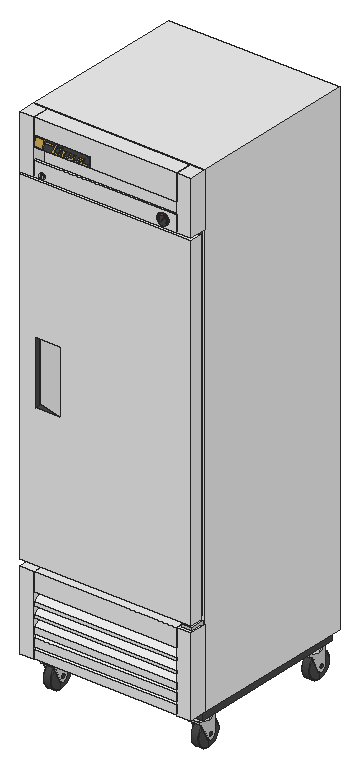
Revit family "QF_TRUE_T-23F-HC", category Specialty Equipment, Revit 2016
Family settings
  Part Type = Normal
  Round Connector Dimension = Use Diameter
  Work Plane-Based = No
  Always vertical = Yes
  Cut with Voids When Loaded = No
  Shared = Yes
  Room Calculation Point = No
Parameters
  Height = 83 5/16"
  Weight in Pounds = 295
  Watts = Volts * FL Amps  # 425.5 W
  Volts = 115 V
  URL = "www.truemfg.com"
  Type Mark [instance] = ""
  Type Comments = "www.truemfg.com"
  Status [instance] = ""
  Specification by User [instance] = ""
  Specification by Manufacturer = ""
  Show Seismic Flanged [instance] = no
  Show Logo [instance] = yes
  Show Legs [instance] = no
  Show Clearance [instance] = yes
  Show Casters [instance] = and(not(Show Legs), not(Show Seismic Flanged))  # yes
  Serial Number = ""
  Seismic Rating = ""
  Seismic Plate [instance] = and(Show Seismic Flanged, not(Show Casters))  # no
  SMACNA No = ""
  Revision Code [instance] = ""
  Phase = 1
  Omniclass Number and Title = ""
  Number of Poles [instance] = 1
  NAFEM Spec ID Number = ""
  Model = "T-23F-HC"
  Min Ckt Ampacity = 0 A
  Max Overcurrent Protection = 0 A
  MasterSpec. = ""
  Manufacturer = "TRUE FOOD SERVICE EQUIPMENT, INC."
  Legs [instance] = or(Show Legs, Show Seismic Flanged)  # no
  Item Number [instance] = ""
  Installed By [instance] = ""
  Identify Quantity as Lot [instance] = yes
  Width = 27"
  HP = "1/2"
  Furnished By [instance] = ""
  Foodservice Equipment Identifier [instance] = yes
  FL Amps = 3.7 A
  Electrical Remarks [instance] = "220-240/50"
  Electric Connection Type [instance] = ""
  Elec Conn RI Height [instance] = 0"
  Elec Conn Connection Height [instance] = 0"
  Description = "REACH-IN SOLID SWING DOOR FREEZER WITH HYDROCARBON REFRIGERANT"
  Depth = 29 1/2"
  Cycle = 60 Hz
  Conn Plug = "NEMA 5-15P"
  Conn Conduit = yes
  CSI MasterFormat = ""
  CSI Master Format = ""
  Body Finish = QF_Finishes_Stainless Steel
  Base Height [instance] = if(Show Casters, 5", 6")  # 5"
  Apparent Power = if(Phase = 3, Volts * FL Amps * 1.73, Volts * FL Amps)  # 425.5 VA
Reference planes (in)
  plane 1 "BACK": y = 0
  plane 2: z = 0
  plane 3 "LEFT": x = 0
  plane 4 "RIGHT": x = 27
  plane 5 "FRONT": y = -29.5
  plane 6 "Top": z = 83.3125
  plane 7: z = 5
Forms (in)
  Revolve 1, solid, material "QF_Finishes_Black", visible <- "Show Casters"
    sketch origin (-0.14406, -24.48472, -1) x (1, 0, 0) y (0, 0, 1)
      loop
        line (2.62908, 4.89592) -> (2.525, 5) -> (1.475, 5) -> (1.375, 4.9) -> (1.375, 3.25) -> (1.05969, 3.25) -> (1.05969, 3) -> (2.94031, 3) -> (2.94031, 3.25) -> (2.62908, 3.25) -> (2.62908, 4.89592)
      axis (2.94031, 3) -> (1.05969, 3)
    angle from 0 to 360
  Revolve 2, solid, material "QF_Finishes_Black", visible <- "Show Casters"
    sketch origin (-0.14406, -2.56916, -1.70457) x (1, 0, 0) y (0, 0, 1)
      loop
        line (2.62908, 5.6005) -> (2.525, 5.70457) -> (1.475, 5.70457) -> (1.375, 5.60457) -> (1.375, 3.95457) -> (1.05969, 3.95457) -> (1.05969, 3.70457) -> (2.94031, 3.70457) -> (2.94031, 3.95457) -> (2.62908, 3.95457) -> (2.62908, 5.6005)
      axis (2.94031, 3.70457) -> (1.05969, 3.70457)
    angle from 0 to 360
  Revolve 3, solid, material "QF_Finishes_Chrome - Satin", visible <- "Show Casters"
    sketch origin (-0.14203, -25.23418, -2.97972) x (1, 0, 0) y (0, 0, 1)
      loop
        line (2, 7.47972) -> (2, 7.97972) -> (0.70293, 7.97972) -> (0.70293, 7.47972) -> (2, 7.47972)
      axis (2, 7.47972) -> (2, 7.97972)
    angle from 0 to 360
  Extrusion 4, solid, material "QF_Finishes_Handrails and Railings", visible <- "Show Casters"
    sketch origin (-47.92328, 8.23261, -2.74546) x (0, 1, 0) y (0, 0, 1)
      loop
        line (-34.85761, 7.24546) -> (-34.85761, 6.89061) -> (-31.89075, 6.89061) -> (-31.89075, 7.24546) -> (-34.85761, 7.24546)
    from 49.10625 to 50.45625
  Extrusion 5, solid, material "QF_Finishes_Handrails and Railings", visible <- "Show Casters"
    sketch origin (-0.14203, 9.88886, -2.21999) x (0, 1, 0) y (0, 0, 1)
      loop
        line (-36.51386, 6.71999) -> (-36.51386, 6.36514) -> (-36.13864, 6.36514) -> (-34.8897, 3.6891)
        arc (-34.8897, 3.6891) -> (-34.09722, 3.33917) -> (-33.547, 4.0083) r 0.71647
        line (-33.547, 4.0083) -> (-33.547, 6.71999) -> (-36.51386, 6.71999)
    from 1.175 to 1.325
  Extrusion 6, solid, material "QF_Finishes_Handrails and Railings", visible <- "Show Casters"
    sketch origin (3.85797, 9.88886, -2.21999) x (0, 1, 0) y (0, 0, -1)
      loop
        line (-36.51386, -6.71999) -> (-33.547, -6.71999) -> (-33.547, -4.0083)
        arc (-33.547, -4.0083) -> (-34.09722, -3.33917) -> (-34.8897, -3.6891) r 0.71647
        line (-34.8897, -3.6891) -> (-36.13864, -6.36514) -> (-36.51386, -6.36514) -> (-36.51386, -6.71999)
    from 1.175 to 1.325
  Revolve 7, solid, material "QF_Finishes_Black", visible <- "Show Casters"
    sketch origin (27.26906, -24.48472, -1) x (-1, 0, 0) y (0, 0, -1)
      loop
        line (2.62908, -4.89592) -> (2.62908, -3.25) -> (2.94031, -3.25) -> (2.94031, -3) -> (1.05969, -3) -> (1.05969, -3.25) -> (1.375, -3.25) -> (1.375, -4.9) -> (1.475, -5) -> (2.525, -5) -> (2.62908, -4.89592)
      axis (2.94031, -3) -> (1.05969, -3)
    angle from 0 to 360
  Revolve 8, solid, material "QF_Finishes_Black", visible <- "Show Casters"
    sketch origin (27.26906, -2.56916, -1.70457) x (-1, 0, 0) y (0, 0, -1)
      loop
        line (2.62908, -5.6005) -> (2.62908, -3.95457) -> (2.94031, -3.95457) -> (2.94031, -3.70457) -> (1.05969, -3.70457) -> (1.05969, -3.95457) -> (1.375, -3.95457) -> (1.375, -5.60457) -> (1.475, -5.70457) -> (2.525, -5.70457) -> (2.62908, -5.6005)
      axis (2.94031, -3.70457) -> (1.05969, -3.70457)
    angle from 0 to 360
  Extrusion 9, solid, material "QF_Finishes_Handrails and Railings", visible <- "Show Casters"
    sketch origin (27.26703, 9.88886, -2.21999) x (0, 1, 0) y (0, 0, -1)
      loop
        line (-36.51386, -6.71999) -> (-33.547, -6.71999) -> (-33.547, -4.0083)
        arc (-33.547, -4.0083) -> (-34.09722, -3.33917) -> (-34.8897, -3.6891) r 0.71647
        line (-34.8897, -3.6891) -> (-36.13864, -6.36514) -> (-36.51386, -6.36514) -> (-36.51386, -6.71999)
    from 1.175 to 1.325
  Extrusion 10, solid, material "QF_Finishes_Handrails and Railings", visible <- "Show Casters"
    sketch origin (23.26703, 9.88886, -2.21999) x (0, 1, 0) y (0, 0, 1)
      loop
        line (-36.51386, 6.71999) -> (-36.51386, 6.36514) -> (-36.13864, 6.36514) -> (-34.8897, 3.6891)
        arc (-34.8897, 3.6891) -> (-34.09722, 3.33917) -> (-33.547, 4.0083) r 0.71647
        line (-33.547, 4.0083) -> (-33.547, 6.71999) -> (-36.51386, 6.71999)
    from 1.175 to 1.325
  Revolve 11, solid, material "QF_Finishes_Stainless Steel" <- "Body Finish", visible <- "Legs"
    sketch origin (-0.14203, -24.48472, 0) x (1, 0, 0) y (0, 0, 1)
      loop
        line (2, 6) -> (0.68084, 6) -> (1.25, 1) -> (1.5, 1) -> (1.5, 0) -> (2, 0) -> (2, 6)
      axis (2, 0) -> (2, 6)
    angle from 0 to 360
  Revolve 12, solid, material "QF_Finishes_Stainless Steel" <- "Body Finish", visible <- "Legs"
    sketch origin (-0.14203, -2.56916, 0) x (1, 0, 0) y (0, 0, -1)
      loop
        line (2, -6) -> (2, 0) -> (1.5, 0) -> (1.5, -1) -> (1.25, -1) -> (0.68084, -6) -> (2, -6)
      axis (2, 0) -> (2, -6)
    angle from 0 to 360
  Extrusion 13, solid, material "QF_Finishes_Stainless Steel" <- "Body Finish", visible <- "Seismic Plate"
    sketch origin (-1.21118, -0.875, 0) x (1, 0, 0) y (0, 1, 0)
      loop
        circle (3.06916, -1.69416) r 1.5
    from 0 to 0.25
  Extrusion 14, solid, material "QF_Finishes_Stainless Steel" <- "Body Finish", visible <- "Seismic Plate"
    sketch origin (-1.21118, -17.79056, 0) x (1, 0, 0) y (0, 1, 0)
      loop
        circle (3.06916, -6.69416) r 1.5
    from 0 to 0.25
  Revolve 15, solid, material "QF_Finishes_Stainless Steel" <- "Body Finish", visible <- "Legs"
    sketch origin (27.26703, -24.48472, 0) x (-1, 0, 0) y (0, 0, -1)
      loop
        line (2, -6) -> (2, 0) -> (1.5, 0) -> (1.5, -1) -> (1.25, -1) -> (0.68084, -6) -> (2, -6)
      axis (2, 0) -> (2, -6)
    angle from 0 to 360
  Revolve 16, solid, material "QF_Finishes_Stainless Steel" <- "Body Finish", visible <- "Legs"
    sketch origin (27.26703, -2.56916, 0) x (-1, 0, 0) y (0, 0, 1)
      loop
        line (2, 6) -> (0.68084, 6) -> (1.25, 1) -> (1.5, 1) -> (1.5, 0) -> (2, 0) -> (2, 6)
      axis (2, 0) -> (2, 6)
    angle from 0 to 360
  Extrusion 17, solid, material "QF_Finishes_Stainless Steel" <- "Body Finish", visible <- "Seismic Plate"
    sketch origin (28.33618, -0.875, 0) x (-1, 0, 0) y (0, -1, 0)
      loop
        circle (3.06916, 1.69416) r 1.5
    from 0 to 0.25
  Extrusion 18, solid, material "QF_Finishes_Stainless Steel" <- "Body Finish", visible <- "Seismic Plate"
    sketch origin (28.33618, -17.79056, 0) x (-1, 0, 0) y (0, -1, 0)
      loop
        circle (3.06916, 6.69416) r 1.5
    from 0 to 0.25
  Extrusion 19, solid, material "QF_Finishes_Chrome - Satin"
    sketch origin (0, 0, 0) x (1, 0, 0) y (0, 0, 1)
      loop
        circle (6, 12) r 0.25
    from 0 to 0.0625
  Revolve 20, solid, material "QF_Finishes_Chrome - Satin", visible <- "Show Casters"
    sketch origin (-0.14203, -3.31862, -2.97972) x (1, 0, 0) y (0, 0, 1)
      loop
        line (2, 7.47972) -> (2, 7.97972) -> (0.70293, 7.97972) -> (0.70293, 7.47972) -> (2, 7.47972)
      axis (2, 7.47972) -> (2, 7.97972)
    angle from 0 to 360
  Extrusion 21, solid, material "QF_Finishes_Handrails and Railings", visible <- "Show Casters"
    sketch origin (-47.92328, 30.14817, -2.74546) x (0, 1, 0) y (0, 0, 1)
      loop
        line (-34.85761, 7.24546) -> (-34.85761, 6.89061) -> (-31.89075, 6.89061) -> (-31.89075, 7.24546) -> (-34.85761, 7.24546)
    from 49.10625 to 50.45625
  Extrusion 22, solid, material "QF_Finishes_Handrails and Railings", visible <- "Show Casters"
    sketch origin (-0.14203, 31.80442, -2.21999) x (0, 1, 0) y (0, 0, 1)
      loop
        line (-36.51386, 6.71999) -> (-36.51386, 6.36514) -> (-36.13864, 6.36514) -> (-34.8897, 3.6891)
        arc (-34.8897, 3.6891) -> (-34.09722, 3.33917) -> (-33.547, 4.0083) r 0.71647
        line (-33.547, 4.0083) -> (-33.547, 6.71999) -> (-36.51386, 6.71999)
    from 1.175 to 1.325
  Extrusion 23, solid, material "QF_Finishes_Handrails and Railings", visible <- "Show Casters"
    sketch origin (3.85797, 31.80442, -2.21999) x (0, 1, 0) y (0, 0, -1)
      loop
        line (-36.51386, -6.71999) -> (-33.547, -6.71999) -> (-33.547, -4.0083)
        arc (-33.547, -4.0083) -> (-34.09722, -3.33917) -> (-34.8897, -3.6891) r 0.71647
        line (-34.8897, -3.6891) -> (-36.13864, -6.36514) -> (-36.51386, -6.36514) -> (-36.51386, -6.71999)
    from 1.175 to 1.325
  Extrusion 24, solid, material "QF_Finishes_Handrails and Railings", visible <- "Show Casters"
    sketch origin (27.26703, 31.80442, -2.21999) x (0, 1, 0) y (0, 0, -1)
      loop
        line (-36.51386, -6.71999) -> (-33.547, -6.71999) -> (-33.547, -4.0083)
        arc (-33.547, -4.0083) -> (-34.09722, -3.33917) -> (-34.8897, -3.6891) r 0.71647
        line (-34.8897, -3.6891) -> (-36.13864, -6.36514) -> (-36.51386, -6.36514) -> (-36.51386, -6.71999)
    from 1.175 to 1.325
  Extrusion 25, solid, material "QF_Finishes_Handrails and Railings", visible <- "Show Casters"
    sketch origin (23.26703, 31.80442, -2.21999) x (0, 1, 0) y (0, 0, 1)
      loop
        line (-36.51386, 6.71999) -> (-36.51386, 6.36514) -> (-36.13864, 6.36514) -> (-34.8897, 3.6891)
        arc (-34.8897, 3.6891) -> (-34.09722, 3.33917) -> (-33.547, 4.0083) r 0.71647
        line (-33.547, 4.0083) -> (-33.547, 6.71999) -> (-36.51386, 6.71999)
    from 1.175 to 1.325
  Revolve 26, solid, material "QF_Finishes_Chrome - Satin", visible <- "Show Casters"
    sketch origin (27.26703, -25.23418, -2.97972) x (-1, 0, 0) y (0, 0, -1)
      loop
        line (2, -7.47972) -> (0.70293, -7.47972) -> (0.70293, -7.97972) -> (2, -7.97972) -> (2, -7.47972)
      axis (2, -7.47972) -> (2, -7.97972)
    angle from 0 to 360
  Extrusion 27, solid, material "QF_Finishes_Handrails and Railings", visible <- "Show Casters"
    sketch origin (75.04828, 8.23261, -2.74546) x (0, 1, 0) y (0, 0, -1)
      loop
        line (-34.85761, -7.24546) -> (-31.89075, -7.24546) -> (-31.89075, -6.89061) -> (-34.85761, -6.89061) -> (-34.85761, -7.24546)
    from 49.10625 to 50.45625
  Revolve 28, solid, material "QF_Finishes_Chrome - Satin", visible <- "Show Casters"
    sketch origin (27.26703, -3.31862, -2.97972) x (-1, 0, 0) y (0, 0, -1)
      loop
        line (2, -7.47972) -> (0.70293, -7.47972) -> (0.70293, -7.97972) -> (2, -7.97972) -> (2, -7.47972)
      axis (2, -7.47972) -> (2, -7.97972)
    angle from 0 to 360
  Extrusion 29, solid, material "QF_Finishes_Handrails and Railings", visible <- "Show Casters"
    sketch origin (75.04828, 30.14817, -2.74546) x (0, 1, 0) y (0, 0, -1)
      loop
        line (-34.85761, -7.24546) -> (-31.89075, -7.24546) -> (-31.89075, -6.89061) -> (-34.85761, -6.89061) -> (-34.85761, -7.24546)
    from 49.10625 to 50.45625
Cuts and joins
  joined: Extrusion 9, Extrusion 10, Extrusion 27
  joined: Extrusion 24, Extrusion 25, Extrusion 29
  joined: Extrusion 21, Extrusion 22, Extrusion 23
  joined: Extrusion 4, Extrusion 5, Extrusion 6
Lines and regions (in)
  symbolic lines, style "SpecialityEquipmentHiddenLines", visible <- "Show Casters"
    curve 1: line (0.31494, -3.98858, 0) -> (1.40101, -4.61562, 0)
    curve 2: line (2.31494, -0.52448, 0) -> (0.31494, -3.98858, 0)
    curve 3: line (3.40101, -1.15152, 0) -> (2.31494, -0.52448, 0)
    curve 4: line (1.40101, -4.61562, 0) -> (3.40101, -1.15152, 0)
    curve 5: line (23.72399, -3.98858, 0) -> (24.81006, -4.61562, 0)
    curve 6: line (25.72399, -0.52448, 0) -> (23.72399, -3.98858, 0)
    curve 7: line (26.81006, -1.15152, 0) -> (25.72399, -0.52448, 0)
    curve 8: line (24.81006, -4.61562, 0) -> (26.81006, -1.15152, 0)
    curve 9: line (0.31494, -25.90414, 0) -> (1.40101, -26.53118, 0)
    curve 10: line (2.31494, -22.44004, 0) -> (0.31494, -25.90414, 0)
    curve 11: line (3.40101, -23.06708, 0) -> (2.31494, -22.44004, 0)
    curve 12: line (1.40101, -26.53118, 0) -> (3.40101, -23.06708, 0)
    curve 13: line (23.72399, -25.90414, 0) -> (24.81006, -26.53118, 0)
    curve 14: line (25.72399, -22.44004, 0) -> (23.72399, -25.90414, 0)
    curve 15: line (26.81006, -23.06708, 0) -> (25.72399, -22.44004, 0)
    curve 16: line (24.81006, -26.53118, 0) -> (26.81006, -23.06708, 0)
Dimensions and locks (in)
  plane 1 "BACK" to plane 5 "FRONT" = 29 1/2"
  plane 6 "Top" to level = 83 5/16"  (x2)
  plane 5 "FRONT" to plane 1 "BACK" = 29 1/2"
  plane 4 "RIGHT" to plane 3 "LEFT" = 27"
  plane 2 to plane 6 "Top" = 83 5/16"
  plane 6 "Top" to plane 7 = 78 5/16"
  "Width": plane 3 "LEFT" to plane 4 "RIGHT"
  "Depth": plane 5 "FRONT" to plane 1 "BACK"
  "Base Height": plane 7 to level
  locked: Revolve 11 sketch curve to level at 6
  locked: Revolve 12 sketch curve to level at 6
  nested 1 to plane 1 "BACK" = 55 1/32"
  Revolve 15 sketch curve to Revolve 15 sketch curve to Revolve 15 sketch curve = 5" locked, 1" locked
  Revolve 16 sketch curve to Revolve 16 sketch curve to Revolve 16 sketch curve = 5" locked, 1" locked
  "Height": plane 6 "Top" to level
  Extrusion 19 sketch curve to Extrusion 19 sketch curve to plane 7 = 1/2" locked, 6 3/4" locked
  aligned and locked: level to plane 2
  aligned: Extrusion 4 to Revolve 3
  aligned: Revolve 3 to Revolve 3
  aligned: plane 7 to Extrusion 5
  aligned: plane 7 to Extrusion 6
  aligned and locked: plane 1 "BACK" to nested 1
  aligned and locked: plane 3 "LEFT" to nested 1
  aligned and locked: nested 1 to plane 7
  aligned and locked: Revolve 3 sketch curve to Revolve 3 sketch curve
  aligned and locked: Revolve 1 sketch curve to Revolve 1 sketch curve
  aligned and locked: Revolve 2 sketch curve to Revolve 2 sketch curve
  aligned and locked: Revolve 20 sketch curve to Revolve 20 sketch curve
  aligned and locked: Revolve 26 sketch curve to Revolve 26 sketch curve
  aligned and locked: Revolve 28 sketch curve to Revolve 28 sketch curve
Automatic sketch dimensions
  plane 3 "LEFT" to Revolve 1 sketch curve = 0.5097"
  Revolve 1 sketch curve to Revolve 1 sketch curve = 0.40592"
  plane 3 "LEFT" to Revolve 1 sketch curve = 1.23094"
  Revolve 1 sketch curve to Revolve 1 sketch curve = 0.1"  (x2)
  Revolve 1 sketch curve to Revolve 1 sketch curve = 0.63788"
  Revolve 1 sketch curve to plane 7 = 1"
  Revolve 1 sketch curve to Revolve 1 sketch curve = 1.05"
  Revolve 1 sketch curve to Revolve 1 sketch curve = 0.6162"
  Revolve 1 sketch curve to Revolve 1 sketch curve = 0.31123"
  Revolve 1 sketch curve to Revolve 1 sketch curve = 0.10408"
  Revolve 1 sketch curve to Revolve 1 sketch curve = 1.65"
  Revolve 1 sketch curve to Revolve 1 sketch curve = 1/4"
  Revolve 1 sketch curve to Revolve 1 sketch curve = 0"
  plane 3 "LEFT" to Revolve 2 sketch curve = 0.5097"
  Revolve 2 sketch curve to Revolve 2 sketch curve = 0.40592"
  plane 3 "LEFT" to Revolve 2 sketch curve = 1.23094"
  Revolve 2 sketch curve to Revolve 2 sketch curve = 0.1"  (x2)
  Revolve 2 sketch curve to Revolve 2 sketch curve = 0.63788"
  Revolve 2 sketch curve to plane 7 = 1"
  Revolve 2 sketch curve to Revolve 2 sketch curve = 1.05"
  Revolve 2 sketch curve to Revolve 2 sketch curve = 0.6162"
  Revolve 2 sketch curve to Revolve 2 sketch curve = 0.31123"
  Revolve 2 sketch curve to Revolve 2 sketch curve = 0.10408"
  Revolve 2 sketch curve to Revolve 2 sketch curve = 1.65"
  Revolve 2 sketch curve to Revolve 2 sketch curve = 1/4"
  Revolve 2 sketch curve to Revolve 2 sketch curve = 0"
  Revolve 3 sketch curve to plane 7 = 0"
  plane 3 "LEFT" to Revolve 3 sketch curve = 0.56091"
  Revolve 3 sketch curve to Revolve 3 sketch curve = 1.29707"
  Revolve 3 sketch curve to plane 7 = 0.0891"
  Revolve 3 sketch curve to plane 7 = 1/2"
  Revolve 3 sketch curve to Revolve 3 sketch curve = 0.0891"
  Extrusion 4 sketch curve to plane 7 = 0.85485"
  Extrusion 4 sketch curve to plane 5 "FRONT" = 2 7/8"
  Extrusion 4 sketch curve to Extrusion 4 sketch curve = 2.96686"
  Extrusion 4 sketch curve to Extrusion 4 sketch curve = 0.35485"
  Extrusion 5 sketch curve to plane 7 = 1/2"
  Extrusion 5 sketch curve to plane 5 "FRONT" = 2 7/8"
  Extrusion 5 sketch curve to Extrusion 5 sketch curve = 0.37522"
  level to Extrusion 5 sketch curve = 1.46911"
  Extrusion 5 sketch curve to Extrusion 5 sketch curve = 1.24895"
  Extrusion 5 sketch curve to Extrusion 5 sketch curve = 0.62677"
  Extrusion 5 sketch curve to Extrusion 5 sketch curve = 2.59164"
  Extrusion 5 sketch curve to Extrusion 5 sketch curve = 0.3192"
  Extrusion 5 sketch curve to Extrusion 5 sketch curve = 0.35485"
  Extrusion 6 sketch curve to plane 7 = 0.85485"
  Extrusion 6 sketch curve to plane 5 "FRONT" = 2 7/8"
  Extrusion 6 sketch curve to Extrusion 6 sketch curve = 0.37522"
  level to Extrusion 6 sketch curve = 1.46911"
  Extrusion 6 sketch curve to Extrusion 6 sketch curve = 1.24895"
  Extrusion 6 sketch curve to Extrusion 6 sketch curve = 0.62677"
  Extrusion 6 sketch curve to Extrusion 6 sketch curve = 0.71593"
  Extrusion 6 sketch curve to plane 7 = 1/2"
  Extrusion 6 sketch curve to Extrusion 6 sketch curve = 0.34712"
  Revolve 7 sketch curve to plane 4 "RIGHT" = 0.3847"
  Revolve 7 sketch curve to Revolve 7 sketch curve = 0.40592"
  Revolve 7 sketch curve to Revolve 7 sketch curve = 0.31531"
  Revolve 7 sketch curve to Revolve 7 sketch curve = 0.1"  (x2)
  Revolve 7 sketch curve to Revolve 7 sketch curve = 0.63788"
  Revolve 7 sketch curve to plane 7 = 1"
  Revolve 7 sketch curve to Revolve 7 sketch curve = 1.05"
  Revolve 7 sketch curve to Revolve 7 sketch curve = 0.6162"
  Revolve 7 sketch curve to Revolve 7 sketch curve = 0.31123"
  Revolve 7 sketch curve to Revolve 7 sketch curve = 0.10408"
  Revolve 7 sketch curve to Revolve 7 sketch curve = 1.64592"
  Revolve 7 sketch curve to Revolve 7 sketch curve = 0"
  Revolve 7 sketch curve to Revolve 7 sketch curve = 1/4"  (x2)
  Revolve 8 sketch curve to plane 4 "RIGHT" = 0.3847"
  Revolve 8 sketch curve to Revolve 8 sketch curve = 0.40592"
  Revolve 8 sketch curve to Revolve 8 sketch curve = 0.31531"
  Revolve 8 sketch curve to Revolve 8 sketch curve = 0.1"  (x2)
  Revolve 8 sketch curve to Revolve 8 sketch curve = 0.63788"
  Revolve 8 sketch curve to plane 7 = 1"
  Revolve 8 sketch curve to Revolve 8 sketch curve = 1.05"
  Revolve 8 sketch curve to Revolve 8 sketch curve = 0.6162"
  Revolve 8 sketch curve to Revolve 8 sketch curve = 0.31123"
  Revolve 8 sketch curve to Revolve 8 sketch curve = 0.10408"
  Revolve 8 sketch curve to Revolve 8 sketch curve = 1.64592"
  Revolve 8 sketch curve to Revolve 8 sketch curve = 0"
  Revolve 8 sketch curve to Revolve 8 sketch curve = 1/4"  (x2)
  Extrusion 9 sketch curve to plane 7 = 0.85485"
  Extrusion 9 sketch curve to plane 5 "FRONT" = 2 7/8"
  Extrusion 9 sketch curve to Extrusion 9 sketch curve = 0.37522"
  level to Extrusion 9 sketch curve = 1.46911"
  Extrusion 9 sketch curve to Extrusion 9 sketch curve = 1.24895"
  Extrusion 9 sketch curve to Extrusion 9 sketch curve = 0.62677"
  Extrusion 9 sketch curve to Extrusion 9 sketch curve = 0.71593"
  Extrusion 9 sketch curve to plane 7 = 1/2"
  Extrusion 9 sketch curve to Extrusion 9 sketch curve = 0.34712"
  Extrusion 10 sketch curve to plane 7 = 0.85485"
  Extrusion 10 sketch curve to plane 5 "FRONT" = 2 7/8"
  Extrusion 10 sketch curve to Extrusion 10 sketch curve = 0.37522"
  level to Extrusion 10 sketch curve = 1.46911"
  Extrusion 10 sketch curve to Extrusion 10 sketch curve = 1.24895"
  Extrusion 10 sketch curve to Extrusion 10 sketch curve = 0.62677"
  Extrusion 10 sketch curve to Extrusion 10 sketch curve = 0.71593"
  Extrusion 10 sketch curve to Extrusion 10 sketch curve = 0.3192"
  Extrusion 10 sketch curve to Extrusion 10 sketch curve = 0.35485"
  Revolve 11 sketch curve to level = 0"
  plane 3 "LEFT" to Revolve 11 sketch curve = 0.53882"
  plane 3 "LEFT" to Revolve 11 sketch curve = 1.10797"
  Revolve 11 sketch curve to Revolve 11 sketch curve = 1/4"
  Revolve 11 sketch curve to Revolve 11 sketch curve = 1/2"
  Revolve 11 sketch curve to Revolve 11 sketch curve = 0"
  level to Revolve 11 sketch curve = 1"
  plane 7 to Revolve 11 sketch curve = 1/2"
  Revolve 11 sketch curve to Revolve 11 sketch curve = 29/32"
  Revolve 12 sketch curve to level = 0"
  plane 3 "LEFT" to Revolve 12 sketch curve = 0.53882"
  plane 3 "LEFT" to Revolve 12 sketch curve = 1.10797"
  Revolve 12 sketch curve to Revolve 12 sketch curve = 1/4"
  Revolve 12 sketch curve to Revolve 12 sketch curve = 1/2"
  Revolve 12 sketch curve to Revolve 12 sketch curve = 0"
  Revolve 12 sketch curve to Revolve 12 sketch curve = 29/32"
  plane 7 to Revolve 12 sketch curve = 1/2"
  level to Revolve 12 sketch curve = 1"
  plane 3 "LEFT" to Extrusion 13 sketch curve = 1.85797"
  plane 1 "BACK" to Extrusion 13 sketch curve = 2.56916"
  plane 3 "LEFT" to Extrusion 14 sketch curve = 1.85797"
  Extrusion 14 sketch curve to plane 5 "FRONT" = 5.01528"
  Revolve 15 sketch curve to level = 0"
  Revolve 15 sketch curve to plane 4 "RIGHT" = 0.41382"
  Revolve 15 sketch curve to plane 4 "RIGHT" = 0.98297"
  Revolve 15 sketch curve to Revolve 15 sketch curve = 1/4"
  Revolve 15 sketch curve to Revolve 15 sketch curve = 1/2"
  Revolve 15 sketch curve to Revolve 15 sketch curve = 0"
  Revolve 15 sketch curve to Revolve 15 sketch curve = 29/32"
  plane 7 to Revolve 15 sketch curve = 1/2"
  Revolve 16 sketch curve to level = 0"
  Revolve 16 sketch curve to plane 4 "RIGHT" = 0.41382"
  Revolve 16 sketch curve to plane 4 "RIGHT" = 0.98297"
  Revolve 16 sketch curve to Revolve 16 sketch curve = 1/4"
  Revolve 16 sketch curve to Revolve 16 sketch curve = 1/2"
  Revolve 16 sketch curve to Revolve 16 sketch curve = 0"
  plane 7 to Revolve 16 sketch curve = 1/2"
  Revolve 16 sketch curve to Revolve 16 sketch curve = 29/32"
  Extrusion 17 sketch curve to plane 4 "RIGHT" = 1.73297"
  plane 1 "BACK" to Extrusion 17 sketch curve = 2.56916"
  Extrusion 18 sketch curve to plane 4 "RIGHT" = 1.73297"
  Extrusion 18 sketch curve to plane 5 "FRONT" = 5.01528"
  plane 3 "LEFT" to Extrusion 19 sketch curve = 6"
  Revolve 20 sketch curve to plane 7 = 0"
  plane 3 "LEFT" to Revolve 20 sketch curve = 0.56091"
  Revolve 20 sketch curve to Revolve 20 sketch curve = 1.29707"
  Revolve 20 sketch curve to plane 7 = 0.0891"
  Revolve 20 sketch curve to plane 7 = 1/2"
  Revolve 20 sketch curve to Revolve 20 sketch curve = 0.0891"
  Extrusion 21 sketch curve to plane 7 = 0.85485"
  plane 1 "BACK" to Extrusion 21 sketch curve = 4.70944"
  plane 1 "BACK" to Extrusion 21 sketch curve = 1.74258"
  Extrusion 21 sketch curve to Extrusion 21 sketch curve = 0.35485"
  Extrusion 22 sketch curve to plane 7 = 1/2"
  plane 1 "BACK" to Extrusion 22 sketch curve = 4.70944"
  Extrusion 22 sketch curve to Extrusion 22 sketch curve = 0.37522"
  level to Extrusion 22 sketch curve = 1.46911"
  Extrusion 22 sketch curve to Extrusion 22 sketch curve = 1.24895"
  Extrusion 22 sketch curve to Extrusion 22 sketch curve = 0.62677"
  plane 1 "BACK" to Extrusion 22 sketch curve = 1.74258"
  Extrusion 22 sketch curve to Extrusion 22 sketch curve = 0.3192"
  Extrusion 22 sketch curve to Extrusion 22 sketch curve = 0.35485"
  Extrusion 23 sketch curve to plane 7 = 0.85485"
  plane 1 "BACK" to Extrusion 23 sketch curve = 4.70944"
  Extrusion 23 sketch curve to Extrusion 23 sketch curve = 0.37522"
  level to Extrusion 23 sketch curve = 1.46911"
  Extrusion 23 sketch curve to Extrusion 23 sketch curve = 1.24895"
  Extrusion 23 sketch curve to Extrusion 23 sketch curve = 0.62677"
  Extrusion 23 sketch curve to Extrusion 23 sketch curve = 0.71593"
  Extrusion 23 sketch curve to plane 7 = 1/2"
  Extrusion 23 sketch curve to Extrusion 23 sketch curve = 0.34712"
  Extrusion 24 sketch curve to plane 7 = 0.85485"
  plane 1 "BACK" to Extrusion 24 sketch curve = 4.70944"
  Extrusion 24 sketch curve to Extrusion 24 sketch curve = 0.37522"
  level to Extrusion 24 sketch curve = 1.46911"
  Extrusion 24 sketch curve to Extrusion 24 sketch curve = 1.24895"
  Extrusion 24 sketch curve to Extrusion 24 sketch curve = 0.62677"
  Extrusion 24 sketch curve to Extrusion 24 sketch curve = 0.71593"
  Extrusion 24 sketch curve to plane 7 = 1/2"
  Extrusion 24 sketch curve to Extrusion 24 sketch curve = 0.34712"
  Extrusion 25 sketch curve to plane 7 = 0.85485"
  plane 1 "BACK" to Extrusion 25 sketch curve = 4.70944"
  Extrusion 25 sketch curve to Extrusion 25 sketch curve = 0.37522"
  level to Extrusion 25 sketch curve = 1.46911"
  Extrusion 25 sketch curve to Extrusion 25 sketch curve = 1.24895"
  Extrusion 25 sketch curve to Extrusion 25 sketch curve = 0.62677"
  Extrusion 25 sketch curve to Extrusion 25 sketch curve = 0.71593"
  Extrusion 25 sketch curve to Extrusion 25 sketch curve = 0.3192"
  Extrusion 25 sketch curve to Extrusion 25 sketch curve = 0.35485"
  Revolve 26 sketch curve to plane 7 = 0"
  Revolve 26 sketch curve to plane 4 "RIGHT" = 0.43591"
  Revolve 26 sketch curve to Revolve 26 sketch curve = 1.29707"
  Revolve 26 sketch curve to plane 7 = 0.0891"
  Revolve 26 sketch curve to Revolve 26 sketch curve = 0.4109"
  Revolve 26 sketch curve to Revolve 26 sketch curve = 0.0891"
  Extrusion 27 sketch curve to plane 7 = 0.85485"
  Extrusion 27 sketch curve to plane 5 "FRONT" = 2 7/8"
  Extrusion 27 sketch curve to Extrusion 27 sketch curve = 2.96686"
  Extrusion 27 sketch curve to Extrusion 27 sketch curve = 0.35485"
  Revolve 28 sketch curve to plane 7 = 0"
  Revolve 28 sketch curve to plane 4 "RIGHT" = 0.43591"
  Revolve 28 sketch curve to Revolve 28 sketch curve = 1.29707"
  Revolve 28 sketch curve to plane 7 = 0.0891"
  Revolve 28 sketch curve to Revolve 28 sketch curve = 0.4109"
  Revolve 28 sketch curve to Revolve 28 sketch curve = 0.0891"
  Extrusion 29 sketch curve to plane 7 = 0.85485"
  plane 1 "BACK" to Extrusion 29 sketch curve = 4.70944"
  plane 1 "BACK" to Extrusion 29 sketch curve = 1.74258"
  Extrusion 29 sketch curve to Extrusion 29 sketch curve = 0.35485"
  plane 3 "LEFT" to curve 1 = 0.31494"
  plane 3 "LEFT" to curve 10 = 0.31494"
  curve 1 to curve 1 = 1.08606"
  curve 9 to curve 9 = 1.08606"
  plane 1 "BACK" to curve 3 = 0.52448"
  plane 3 "LEFT" to curve 3 = 2.31494"
  plane 3 "LEFT" to curve 10 = 2.31494"
  curve 13 to plane 4 "RIGHT" = 3.27601"
  curve 5 to plane 4 "RIGHT" = 3.27601"
  curve 14 to curve 13 = 1.08606"
  curve 5 to curve 8 = 1.08606"
  plane 1 "BACK" to curve 7 = 0.52448"
  curve 7 to plane 4 "RIGHT" = 1.27601"
  curve 14 to plane 4 "RIGHT" = 1.27601"
  plane 1 "BACK" to curve 7 = 1.15152"
  plane 1 "BACK" to curve 4 = 1.15152"
  curve 14 to plane 5 "FRONT" = 7.05996"
  curve 11 to plane 5 "FRONT" = 7.05996"
  curve 16 to curve 14 = 0.62704"
  curve 12 to curve 10 = 0.62704"
  radius of Extrusion 13 sketch curve = 1 1/2"
  radius of Extrusion 14 sketch curve = 1 1/2"
  radius of Extrusion 17 sketch curve = 1 1/2"
  radius of Extrusion 18 sketch curve = 1 1/2"
Nested families (in)
  nested 1: "TRUE_T-23F-HC" at (0, 0, 1.25), Show Logo <- "Show Logo", Show Clearance <- "Show Clearance", type "TRUE_T-23F-HC"
    with Show Logo yes, Show Clearance yes
Connectors (in)
  electrical at (6, 0, 12), driven by "Volts", driven by "Watts"
    settings: on Extrusion 19, index 1, voltage 115 V, apparent load 425.5 VA, apparent load phase1 0 VA, apparent load phase2 0 VA, apparent load phase3 0 VA, power factor 1, load classification "Other", number of poles 1, system type 30, power factor state 1, is connector primary yes, connector utility no, sub classification motor no, connector description "ELECTRICAL CONNECTION"
Definition of nested family "TRUE_T-23F-HC"
  Parameters
    URL = ""
    Type Comments = ""
    Show Logo [instance] = yes
    Show Clearance [instance] = yes
    Model = ""
    Manufacturer = ""
    Description = ""
    Assembly Code = ""
  Reference planes (in)
    plane 1 "BACK": y = 0
    plane 2: z = 0
    plane 3 "LEFT": x = 0
    plane 4 "RIGHT": x = 27
    plane 5 "FRONT": y = -29.5
    plane 6 "Top": z = 82.0625
  Forms (in)
    Extrusion 1, solid
      sketch origin (0.05, 0, 0) x (1, 0, 0) y (0, 1, 0)
        loop
          line (-0.05, 0) -> (-0.05, -26.75) -> (26.95, -26.75) -> (26.95, 0) -> (-0.05, 0)
      from 5.125 to 82.0625
    Extrusion 2, solid
      sketch origin (0, 0, 0.5) x (1, 0, 0) y (0, 1, 0)
        loop
          line (0.5, -1) -> (0.5, -26.65625) -> (26.625, -26.65625) -> (26.625, -1) -> (0.5, -1)
      from 3.25 to 4.625
    Extrusion 3, solid
      sketch origin (0, -5, 0) x (1, 0, 0) y (0, 1, 0)
        loop
          line (0.5, -21.75) -> (0.5, -22.54725) -> (26.625, -22.54725) -> (26.625, -21.75) -> (0.5, -21.75)
      from 18.625 to 73.19565
    Extrusion 4, solid
      sketch origin (-25.125, 4.25, -0.71875) x (1, 0, 0) y (0, 0, 1)
        loop
          line (25.125, 19.34375) -> (52.125, 19.34375) -> (52.125, 73.91441) -> (25.125, 73.91441) -> (25.125, 19.34375)
      from 31.79725 to 33.75
    Extrusion 5, solid
      sketch origin (0, -5, 5.75) x (0, 1, 0) y (0, 0, 1)
        loop
          line (-21.75, -0.62313) -> (-21.75, 11.8125) -> (-24.49666, 11.8125) -> (-24.49666, 8.90149) -> (-22.29246, 10.46875) -> (-22.29246, 9.06818) -> (-24.49666, 7.50091) -> (-24.49666, 7.02971) -> (-22.29246, 8.59697) -> (-22.29246, 7.22996) -> (-24.49666, 5.6627) -> (-24.49666, 5.21649) -> (-22.29246, 6.78375) -> (-22.29246, 5.50523) -> (-24.49666, 3.93797) -> (-24.49666, 2.9375) -> (-22.29246, 4.50476) -> (-22.29246, 4.05855) -> (-24.49666, 2.49129) -> (-24.49666, 1.21277) -> (-22.29246, 2.78003) -> (-22.29246, 2.33382) -> (-24.49666, 0.76656) -> (-24.49666, -0.62313) -> (-21.75, -0.62313)
        loop
          line (-21.75, 76.3125) -> (-24.5, 76.3125) -> (-24.5, 72.1875) -> (-22.5, 71.19565) -> (-22.5, 68.07065) -> (-24.25, 68.07065) -> (-24.25, 70.32065) -> (-24.5, 70.32065) -> (-24.5, 67.82065) -> (-21.75, 67.82065) -> (-21.75, 76.3125)
      from 2.25 to 24.75094
    Extrusion 6, solid
      sketch origin (0, -5, 6.25) x (1, 0, 0) y (0, 1, 0)
        loop
          circle (25.92228, -23.28471) r 0.5
      from 11.88262 to 12.375
    Extrusion 7, solid
      sketch origin (2.24906, -5, 6.25) x (0, 1, 0) y (0, 0, 1)
        loop
          line (-21.92236, 11.3125) -> (-21.92236, 11.88262) -> (-24.17236, 11.88262) -> (-24.17236, 11.47736) -> (-22.42236, 11.47736) -> (-22.42236, 11.3125) -> (-21.92236, 11.3125)
      from 23.06646 to 24.65563
    Extrusion 8, solid
      sketch origin (0, -5, 0) x (1, 0, 0) y (0, 0, 1)
        loop
          line (24.875, 17.5625) -> (24.875, 5.125) -> (27, 5.125) -> (27, 17.5625) -> (24.875, 17.5625)
        loop
          line (0, 17.5625) -> (0, 5.125) -> (2.125, 5.125) -> (2.125, 17.5625) -> (0, 17.5625)
        loop
          line (0, 82.0625) -> (0, 73.57065) -> (2.125, 73.57065) -> (2.125, 82.0625) -> (0, 82.0625)
        loop
          line (24.875, 82.0625) -> (24.875, 73.57065) -> (27, 73.57065) -> (27, 82.0625) -> (24.875, 82.0625)
      from 21.75 to 24.5
    Extrusion 9, solid
      sketch origin (0, -5, 61.31303) x (1, 0, 0) y (0, 1, 0)
        loop
          circle (25.92228, -23.28471) r 0.5
      from 11.88262 to 12.25762
    Extrusion 10, solid, visible <- "Show Logo"
      sketch origin (-11.34257, -10.68962, 94.3704) x (0, 0.579482, 0.814985) y (0, -0.814985, 0.579482)
        loop
          line (-24.29284, 5.80762) -> (-22.95998, 6.75533) -> (-22.97916, 6.78231) -> (-24.31203, 5.8346) -> (-24.29284, 5.80762)
      from 13.59257 to 22.34257
    Extrusion 11, solid, visible <- "Show Logo"
      sketch origin (-2.19529, 5.26285, 21.87842) x (1, 0, 0) y (0, -0.000498, 1)
        loop
          line (6.49169, 57.39981) -> (6.38603, 57.17323) -> (7.69777, 57.17323)
          arc (7.69777, 57.17323) -> (7.72629, 57.12278) -> (7.69777, 57.07234) r 0.05887
          line (7.69777, 57.07234) -> (7.33119, 56.28622)
          arc (7.33119, 56.28622) -> (7.32801, 56.21341) -> (7.37725, 56.15967) r 0.09523
          line (7.37725, 56.15967) -> (8.27594, 56.15967)
          arc (8.27594, 56.15967) -> (8.38942, 56.19545) -> (8.46186, 56.28985) r 0.19785
          line (8.46186, 56.28985) -> (8.75035, 56.90851) -> (9.0154, 56.90851)
          arc (9.0154, 56.90851) -> (9.08494, 56.88293) -> (9.07487, 56.80953) r 0.05911
          line (9.07487, 56.80953) -> (8.83348, 56.29187)
          arc (8.83348, 56.29187) -> (8.83724, 56.2059) -> (8.90981, 56.15967) r 0.09318
          line (8.90981, 56.15967) -> (9.69948, 56.15967)
          arc (9.69948, 56.15967) -> (9.75999, 56.18169) -> (9.79218, 56.23745) r 0.09412
          arc (9.79218, 56.23745) -> (9.81496, 56.18245) -> (9.86996, 56.15967) r 0.07778
          line (9.86996, 56.15967) -> (10.36996, 56.15967)
          arc (10.36996, 56.15967) -> (10.42772, 56.17515) -> (10.47001, 56.21743) r 0.11552
          arc (10.47001, 56.21743) -> (10.49025, 56.16856) -> (10.53912, 56.14831) r 0.06912
          line (10.53912, 56.14831) -> (11.24975, 56.14831)
          arc (11.24975, 56.14831) -> (11.30784, 56.17238) -> (11.33191, 56.23047) r 0.08216
          arc (11.33191, 56.23047) -> (11.38517, 56.17722) -> (11.45792, 56.15772) r 0.14551
          line (11.45792, 56.15772) -> (12.78908, 56.15772) -> (12.93696, 56.41384) -> (11.59428, 56.41384)
          arc (11.59428, 56.41384) -> (11.55722, 56.43954) -> (11.55584, 56.48461) r 0.05009
          line (11.55584, 56.48461) -> (11.57907, 56.53442)
          arc (11.57907, 56.53442) -> (11.61473, 56.58114) -> (11.67077, 56.59885) r 0.09747
          line (11.67077, 56.59885) -> (12.10235, 56.59885)
          arc (12.10235, 56.59885) -> (12.1955, 56.62381) -> (12.26369, 56.692) r 0.1863
          line (12.26369, 56.692) -> (12.38869, 56.90851)
          arc (12.38869, 56.90851) -> (12.38869, 57.02407) -> (12.28861, 57.08184) r 0.11556
          line (12.28861, 57.08184) -> (11.83312, 57.08184)
          arc (11.83312, 57.08184) -> (11.717, 57.06212) -> (11.63599, 56.97662) r 0.18605
          line (11.63599, 56.97662) -> (11.41954, 56.51243)
          arc (11.41954, 56.51243) -> (11.35565, 56.42917) -> (11.25556, 56.39761) r 0.1745
          line (11.25556, 56.39761) -> (10.78309, 56.39761)
          arc (10.78309, 56.39761) -> (10.72653, 56.45934) -> (10.73018, 56.54298) r 0.10939
          line (10.73018, 56.54298) -> (10.98145, 57.08184) -> (10.82153, 57.08184) -> (10.55531, 56.51094)
          arc (10.55531, 56.51094) -> (10.50359, 56.44353) -> (10.42255, 56.41798) r 0.14128
          line (10.42255, 56.41798) -> (10.09675, 56.41798)
          arc (10.09675, 56.41798) -> (10.04169, 56.48973) -> (10.0535, 56.57939) r 0.11816
          line (10.0535, 56.57939) -> (10.2878, 57.08184) -> (10.12264, 57.08184) -> (9.85296, 56.5035)
          arc (9.85296, 56.5035) -> (9.79035, 56.44089) -> (9.70483, 56.41798) r 0.17104
          line (9.70483, 56.41798) -> (9.23305, 56.41798)
          arc (9.23305, 56.41798) -> (9.14832, 56.45749) -> (9.14017, 56.55063) r 0.0935
          line (9.14017, 56.55063) -> (9.29524, 56.88319) -> (9.51445, 56.88319)
          arc (9.51445, 56.88319) -> (9.55145, 56.99467) -> (9.63017, 57.08184) r 0.2857
          line (9.63017, 57.08184) -> (8.77355, 57.08184)
          arc (8.77355, 57.08184) -> (8.67836, 57.06074) -> (8.61248, 56.98885) r 0.16212
          line (8.61248, 56.98885) -> (8.38029, 56.49091)
          arc (8.38029, 56.49091) -> (8.3269, 56.43752) -> (8.25397, 56.41798) r 0.14586
          line (8.25397, 56.41798) -> (7.74256, 56.41798)
          arc (7.74256, 56.41798) -> (7.70264, 56.47192) -> (7.71024, 56.53859) r 0.09155
          line (7.71024, 56.53859) -> (8.04768, 57.17323) -> (8.89905, 57.17323) -> (9.00471, 57.39981) -> (8.15334, 57.39981) -> (8.25899, 57.62638) -> (7.95612, 57.62638) -> (7.85047, 57.39981) -> (6.49169, 57.39981)
        loop
          arc (11.77555, 56.87613) -> (11.73869, 56.86625) -> (11.7117, 56.83926) r 0.07373
          line (11.7117, 56.83926) -> (11.68979, 56.77186)
          arc (11.68979, 56.77186) -> (11.69995, 56.74733) -> (11.72449, 56.73716) r 0.0347
          line (11.72449, 56.73716) -> (12.09698, 56.73716)
          arc (12.09698, 56.73716) -> (12.12382, 56.74311) -> (12.14562, 56.75984) r 0.0635
          line (12.14562, 56.75984) -> (12.16374, 56.84372)
          arc (12.16374, 56.84372) -> (12.15841, 56.86618) -> (12.13759, 56.87613) r 0.02676
          line (12.13759, 56.87613) -> (11.77555, 56.87613)
        loop
          line (4.80351, 57.58316) -> (4.57805, 56.15967) -> (5.86794, 56.15967) -> (6.0934, 57.58316) -> (4.80351, 57.58316)
      from 34.76797 to 34.83173
    Extrusion 12, solid
      sketch origin (0, -5, 3.5625) x (1, 0, 0) y (0, 0, 1)
        loop
          circle (22.64702, 71.19827) r 0.86908
      from 24.5 to 24.58496
    Extrusion 13, solid
      sketch origin (0, -5, 3.5625) x (1, 0, 0) y (0, 0, 1)
        loop
          circle (3.51811, 70.59973) r 0.40486
        loop
          line (3.46374, 70.92738) -> (3.46374, 70.26052) -> (3.5845, 70.26052) -> (3.5845, 70.92738) -> (3.46374, 70.92738)
        loop
          line (22.57492, 71.11105) -> (22.6463, 71.06984) -> (23.01752, 71.79524) -> (22.57492, 71.11105)
      from 24.5 to 24.68278
    Extrusion 14, solid
      sketch origin (0, -5, 3.5625) x (1, 0, 0) y (0, 0, 1)
        loop
          arc (23.34868, 70.93337) -> (22.91192, 71.89993) -> (21.94536, 71.46317) r 0.75
          line (21.94536, 71.46317) -> (22.04995, 71.42368)
          arc (22.04995, 71.42368) -> (22.87244, 71.79534) -> (23.24409, 70.97285) r 0.63821
          line (23.24409, 70.97285) -> (23.34868, 70.93337)
      from 24.58496 to 24.60325
    Extrusion 15, solid
      sketch origin (0, -5, 3.5625) x (1, 0, 0) y (0, 0, 1)
        loop
          arc (21.94536, 71.46317) -> (21.92217, 71.00566) -> (22.1694, 70.62001) r 0.75
          line (22.1694, 70.62001) -> (22.27308, 70.68109)
          arc (22.27308, 70.68109) -> (22.03581, 71.01462) -> (22.04995, 71.42368) r 0.63821
          line (22.04995, 71.42368) -> (21.94536, 71.46317)
      from 24.58496 to 24.60325
    Extrusion 16, void
      sketch origin (24.46875, 4.25, 67.29086) x (0, -1, 0) y (-1, 0, 0)
        loop
          line (33.75, 17.96875) -> (33.75, 21.96875) -> (33.25, 21.96875) -> (33.25, 22.21875) -> (32.56139, 22.21875) -> (33.75, 17.96875)
      from 16.38054 to 26.38054
    Extrusion 17, solid, visible <- "Show Clearance", detail levels coarse
      sketch origin (26.42841, 0.6402, 0) x (1, 0, 0) y (0, 1, 0)
        loop
          arc (-26.42841, -30.1402) -> (-18.00451, -48.27394) -> (0.57159, -55.67145) r 27.05681
          line (0.57159, -55.67145) -> (0.57159, -30.1402) -> (-26.42841, -30.1402)
      from 18.625 to 73.19565
  Cuts and joins
    Extrusion 16 cuts Extrusion 4
    Extrusion 16 cuts Extrusion 5
    Extrusion 16 cuts Extrusion 8
  Lines and regions (in)
    symbolic lines, visible <- "Show Clearance", detail levels coarse
      curve 1: line (27, -29.5, 0) -> (4.38194, -42.8025, 0)
      curve 2: arc (0, -29.5, 0) -> (1.31532, -36.4397, 0) -> (4.38194, -42.8025, 0) r 27.05681
    symbolic lines
      curve 3: line (0, 0, 0) -> (27, 0, 0)
      curve 4: line (0, -29.5, 0) -> (0, 0, 0)
      curve 5: line (27, -29.5, 0) -> (0, -29.5, 0)
      curve 6: line (27, 0, 0) -> (27, -29.5, 0)
      curve 7: line (27, -26.75, 0) -> (0, -26.75, 0)
  Dimensions and locks (in)
    plane 1 "BACK" to plane 5 "FRONT" = 29 1/2"
    plane 6 "Top" to level = 82 1/16"  (x2)
    plane 5 "FRONT" to plane 1 "BACK" = 29 1/2"  (x2)
    plane 4 "RIGHT" to plane 3 "LEFT" = 27"
    plane 2 to plane 6 "Top" = 82 1/16"
    Extrusion 4 sketch curve to Extrusion 4 sketch curve = 27"
    Extrusion 4 sketch curve to Extrusion 4 sketch curve = 54.57065"
    plane 6 "Top" to Extrusion 2 = 76 15/16"
    aligned and locked: level to plane 2
    aligned and locked: cut or joined group of Extrusion 4, Extrusion 16 to Extrusion 3
